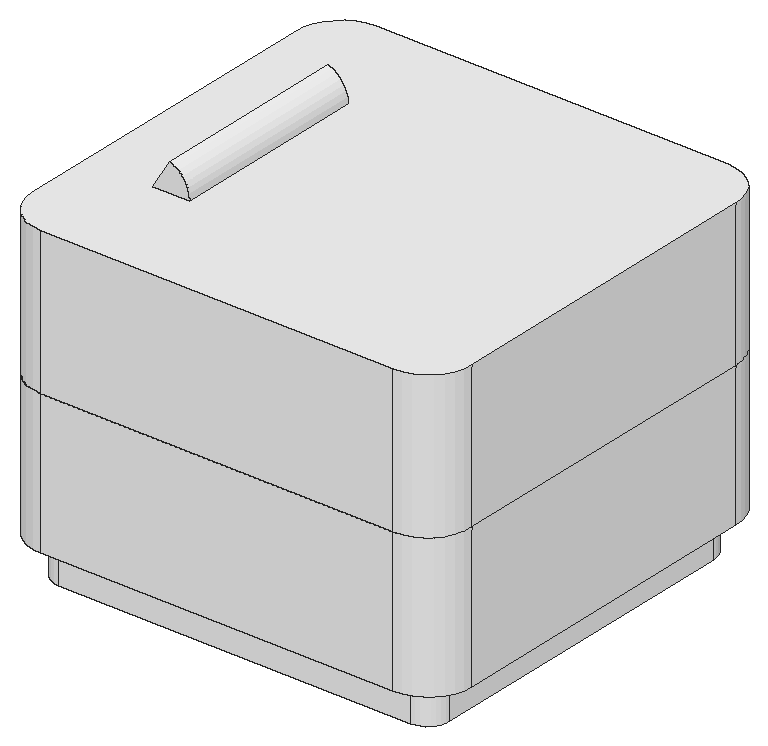
Revit family "Gira_078530", category Electrical Fixtures, host Face, Revit 2017
Family settings
  Host = Face
  Maintain Annotation Orientation = Yes
  Round Connector Dimension = Use Diameter
  Part Type = Normal
  Cut with Voids When Loaded = No
  Shared = No
  Room Calculation Point = No
Parameters (values of type "SCHUKO 2f senkr. KD + BSF ammoniak WG AP Grau")
  Überspannungsschutz = "No"
  Werkstoffgüte = "sonstige"
  Werkstoff = "sonstige"
  Verdrehter Zentraleinsatz = "No"
  URL = "http://katalog.gira.de/de_DE/datenblatt.html?artikelnr=078530"
  Transparent = "No"
  Textfeld/Beschriftungsfläche = "Yes"
  Sonderstromversorgung = "ohne Sonderstromversorgung"
  Schutzleiterkontakt rund = "No"
  Schutzkontakt = "Yes"
  Region = "DE"
  Oberfläche = "sonstige"
  Nennstrom = "16 Ampere"
  Nennspannung = "250 Volt"
  Name = "SCHUKO 2f senkr. KD + BSF ammoniak WG AP Grau"
  Montageart = "auf Putz"
  Mit erhöhtem Berührungsschutz = "No"
  Mit eingebauter USB-Spannungsversorgung = "No"
  Mit Signallampe = "No"
  Mit Orientierungsbeleuchtung = "No"
  Mit Klappdeckel = "Yes"
  Mit Funktionsbeleuchtung = "No"
  Mit Feinsicherung = "No"
  Mit Ein-/Ausschalter = "No"
  Mit Durchschleiffunktion = "No"
  Manufacturer URL = "https://www.gira.de/"
  Keynote = "IP44_Komplettgerät_Steckdose"
  Isolierter Einbau = "No"
  HeinzeBIM = "https://bimportal.heinze.de/bim/schuko-2f-senkr-kd-bsf-ammoniak-wg-ap-grau/9d513d7b1202739c93fb18003806af32fe7aa430"
  Halogenfrei = "No"
  HAN = "078530"
  Geeignet für Schutzart (IP) = "IP20"
  GTIN = "4010337785309"
  Für "erschwerte Bedingungen" (nach VDE) = "No"
  Fehlerstromschutz = "No"
  Farbe = "grau"
  Default Elevation = 1219.2 mm
  Data sheet (1) = "https://katalog.gira.de/de_DE/download.html?artikelnr=078530"
  Category = "Steckdose"
  Befestigungsart = "Befestigung mit Schraube"
  Available = "Yes"
  Auswurfmechanismus = "No"
  Ausführung = "Schuko"
  Aufdruck/Kennzeichnung = "ohne Aufdruck"
  Anzahl der Steckdosen schaltbar = "0 "
  Anzahl der Module (bei Modulbauweise) = "1 "
  Anzahl der Einheiten = "2 "
  Antibakterielle Behandlung = "No"
  Anschlussart = "Schraubklemme"
  Abschließbar = "No"
Reference planes
  plane 1 "Center (Front/Back)": y = 0
  plane 2: z = 0
  plane 3 "Center (Left/Right)": x = 0
Forms (mm)
  Extrusion 1, solid, material "White", detail levels fine
    sketch origin (41, 0, 0) x (1, 0, 0) y (0, 1, 0)
      loop
        line (-9, 38) -> (-73, 38)
        arc (-73, 38) -> (-78.657, 35.657) -> (-81, 30) r 8
        line (-81, 30) -> (-81, -30)
        arc (-81, -30) -> (-78.657, -35.657) -> (-73, -38) r 8
        line (-73, -38) -> (-9, -38)
        arc (-9, -38) -> (-3.343, -35.657) -> (-1, -30) r 8
        line (-1, -30) -> (-1, 30)
        arc (-1, 30) -> (-3.343, 35.657) -> (-9, 38) r 8
    from 0 to 26
  Extrusion 2, solid, material "White", detail levels fine
    sketch origin (41, 0, 0) x (1, 0, 0) y (0, 1, 0)
      loop
        line (-9, 38) -> (-73, 38)
        arc (-73, 38) -> (-78.657, 35.657) -> (-81, 30) r 8
        line (-81, 30) -> (-81, -30)
        arc (-81, -30) -> (-78.657, -35.657) -> (-73, -38) r 8
        line (-73, -38) -> (-9, -38)
        arc (-9, -38) -> (-3.343, -35.657) -> (-1, -30) r 8
        line (-1, -30) -> (-1, 30)
        arc (-1, 30) -> (-3.343, 35.657) -> (-9, 38) r 8
    from 26 to 52.5
  Extrusion 3, solid, material "White", detail levels fine
    sketch origin (41, 0, 0) x (1, 0, 0) y (0, 0, 1)
      loop
        line (-68.7, 52.5) -> (-62.067, 52.5)
        arc (-62.067, 52.5) -> (-63.019, 55.628) -> (-65.7, 57.5) r 5
        line (-65.7, 57.5) -> (-68.7, 52.5)
    from 18 to -18
  Extrusion 4, solid, material "White", detail levels medium
    sketch origin (41, -5.734, 0) x (1, 0, 0) y (0, 1, 0)
      loop
        line (-9, 43.734) -> (-73, 43.734)
        arc (-73, 43.734) -> (-78.657, 41.391) -> (-81, 35.734) r 8
        line (-81, 35.734) -> (-81, -24.266)
        arc (-81, -24.266) -> (-78.657, -29.923) -> (-73, -32.266) r 8
        line (-73, -32.266) -> (-9, -32.266)
        arc (-9, -32.266) -> (-3.343, -29.923) -> (-1, -24.266) r 8
        line (-1, -24.266) -> (-1, 35.734)
        arc (-1, 35.734) -> (-3.343, 41.391) -> (-9, 43.734) r 8
    from 0 to 52.5
  Extrusion 5, solid, material "White", detail levels medium
    sketch origin (41, 0, 0) x (1, 0, 0) y (0, 0, 1)
      loop
        line (-68.7, 57.5) -> (-68.7, 52.5) -> (-62.067, 52.5) -> (-62.067, 57.5) -> (-68.7, 57.5)
    from -18 to 18
  Extrusion 6, solid, material "White", detail levels coarse
    sketch origin (41, 0, 0) x (1, 0, 0) y (0, 1, 0)
      loop
        line (-1, 38) -> (-81, 38) -> (-81, -38) -> (-1, -38) -> (-1, 38)
    from -7 to 57.5
  Extrusion 7, solid, material "White", detail levels medium+fine
    sketch origin (41, 0, 0) x (1, 0, 0) y (0, 1, 0)
      loop
        line (-9, 34) -> (-73, 34)
        arc (-73, 34) -> (-75.828, 32.828) -> (-77, 30) r 4
        line (-77, 30) -> (-77, -30)
        arc (-77, -30) -> (-75.828, -32.828) -> (-73, -34) r 4
        line (-73, -34) -> (-9, -34)
        arc (-9, -34) -> (-6.172, -32.828) -> (-5, -30) r 4
        line (-5, -30) -> (-5, 30)
        arc (-5, 30) -> (-6.172, 32.828) -> (-9, 34) r 4
    from 0 to -7
Dimensions and locks
  Extrusion 6 to plane 3 "Center (Left/Right)" to Extrusion 6 = 40 mm, 40 mm
  aligned and locked: plane 2 to host face
  aligned and locked: level to host face
  aligned and locked: plane 3 "Center (Left/Right)" to nested 1
  aligned and locked: plane 1 "Center (Front/Back)" to nested 1
Nested families
  nested 1: "Steckdose 1-fach Beschriftung" at (0, 0, 0), type "Steckdose 1-fach Beschriftung"
Connectors
  electrical at (0, 0, -7)
    settings: on Extrusion 7, index 1, voltage 220 V, apparent load 0 VA, apparent load phase1 0 VA, apparent load phase2 0 VA, apparent load phase3 0 VA, power factor 1, load classification "Other", number of poles 1, system type 31, power factor state 1, is connector primary yes, connector utility no, sub classification motor no, connector description ""
Definition of nested family "Steckdose 1-fach Beschriftung"
  Reference planes
    plane 1: y = 0
    plane 2: x = 0
  Lines and regions (mm)
    detail lines
      curve 1: line (0, 0, 0) -> (0, 2, 0)
      curve 3: line (0, 2, 0) -> (-1, 2, 0)
      curve 4: arc (1, 3, 0) -> (0, 2, 0) -> (-1, 3, 0) r 1
      curve 5: line (0, 2, 0) -> (1, 2, 0)
    reference lines
      curve 2: line (-0.485, 3, 0) -> (2.315, 3, 0)
  Dimensions and locks
    curve 1 to curve 1 = 2 mm
    plane 1 to curve 2 = 3 mm
    curve 3 to curve 3 = 1 mm
